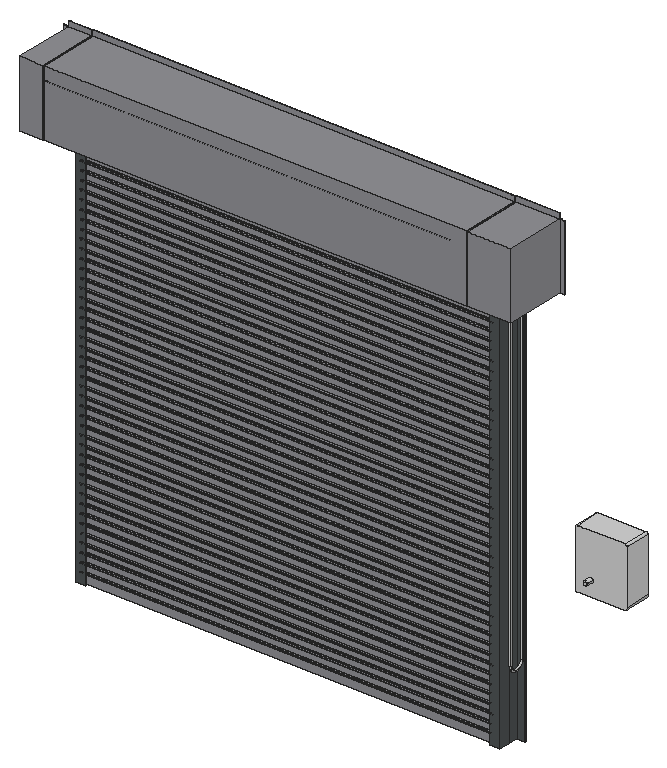
Revit family "RapidSlat-Rolling-Steel-Service-Doors_OHD_Model-621_compact", category Specialty Equipment, host Wall, Revit 2023
Family settings
  Host = Wall
  Round Connector Dimension = Use Diameter
  Part Type = Normal
  OmniClass Number = 23.30.10.21.34
  OmniClass Title = Industrial Doors
  Enable Cutting in Views = No
  Always vertical = Yes
  Cut with Voids When Loaded = Yes
  Maintain Annotation Orientation = No
  Shared = No
  Room Calculation Point = No
Parameters (values of type "208 volts, one phase, 60 Hz (208-240V range)")
  Warning Sign [instance] = if(Calculated Area > 683.00 SF, 1 = 1, 1 = 2)  # no
  Warning (Note) [instance] = if(Warning Sign, "The Door Area is out of the limit; please adjust accordingly. The maximum allowed area is 683 sq. ft.", if(Opening Height > 360", "Headroom Clearance Dimensions - out of the limits. Consult Factory", " "))  # " "
  Wall Thickness [instance] = 6"
  Voltage = 208 V
  Version = "1.00.01"  # constant formula
  True Opening Width [instance] = Clear Width  # 120"
  True Opening Height [instance] = Clear Height  # 120"
  Slat Type [instance] = if(Slat Option < 2, "C-187", if(Slat Option = 2, "C-275", if(Slat Option = 3, "F-265", "FE-265")))  # "F-265"
  Slat Option [instance] = 3  # constant formula
  Slat Length [instance] = Clear Width + G Value * 2 - 1" / 2 * 2  # 126"
  Slat Height [instance] = if(Slat < 2, 11 9/32", if(Slat = 2, 13 3/4", 13 19/128"))  # 13 19/128"
  Slat [instance] = if(Slat Option < 2, 1, if(Slat Option = 2, 2, if(Slat Option = 3, 3, 4)))  # 3
  Product Page URL = "https://www.overheaddoor.com/rolling-steel-service-doors-621"
  Power Factor = 1
  Powder Coat (Note) = "PowderGuard® Premium powder coat finish options are available in approximately 200 colors as well as custom matching to specification. PowderGuard® Textured finish, a thicker, more scratch resistant coat, is available in 11 colors providing enhanced scratch resistance as well as aiding in hiding the dirt and blemishes that often occur in commercial environments.​"  # constant formula
  Opening Width Real [instance] = if(Opening Width > Max Opening Width, Max Opening Width, if(Opening Width < Min Opening Width, Min Opening Width, Opening Width))  # 120"
  Opening Width [instance] = 120"
  Opening Height Real [instance] = if(Opening Height > Max Opening Height, Max Opening Height, if(Opening Height < Min Opening Height, Min Opening Height, Opening Height))  # 120"
  Opening Height [instance] = 120"
  One Array element [instance] = not(Array Vis)  # no
  Number of Poles = 1
  Motor Position [instance] = M Value - G Value  # 2 3/4"
  Min Opening Width [instance] = 18"  # constant formula
  Min Opening Height [instance] = 24"  # constant formula
  Max Opening Width [instance] = 360"  # constant formula
  Max Opening Height [instance] = 240"  # constant formula
  Material Finish [instance] = 621 : Standard - Gray
  M Value [instance] = if(or(Opening Width < 108", Opening Width = 108"), 5 3/4", if(or(Opening Width < 180", Opening Width = 180"), 6 1/4", if(or(Opening Width < 240", Opening Width = 240"), 7 1/4", 9 1/4")))  # 6 1/4"
  Installation Real [instance] = Wall Thickness  # 6"
  Hood Type [instance] = "Square Hood"  # constant formula
  Hood Offset [instance] = 4"  # constant formula
  Hood Material [instance] = Metal - Overhead Door - Gray
  Hood Height [instance] = A Value + 2"  # 20"
  Headroom Height Real [instance] = Hood Offset + Hood Height  # 24"
  Headroom Height [instance] = Headroom Height Real + 1 1/2"  # 25 1/2"
  HC 4 [instance] = if(or(Clear Height < 84", Clear Height = 84"), 16", if(or(Clear Height < 132", Clear Height = 132"), 18", if(or(Clear Height < 192", Clear Height = 192"), 20", 22")))  # 18"
  HC 3 [instance] = if(or(Clear Height < 108", Clear Height = 108"), 16", if(or(Clear Height < 168", Clear Height = 168"), 18", 20"))  # 18"
  HC 2 [instance] = if(or(Clear Height < 60", Clear Height = 60"), 14", if(or(Clear Height < 120", Clear Height = 120"), 16", if(or(Clear Height < 180", Clear Height = 180"), 18", 20")))  # 16"
  HC 1 [instance] = if(or(Clear Height < 96", Clear Height = 96"), 14", if(or(Clear Height < 168", Clear Height = 168"), 16", 18"))  # 16"
  Guide Type [instance] = "Angled Z Guide"  # constant formula
  Guid Depth [instance] = D Value  # 6 1/4"
  G Value [instance] = if(or(Opening Width < 108", Opening Width = 108"), 3", if(or(Opening Width < 180", Opening Width = 180"), 3 1/2", if(or(Opening Width < 240", Opening Width = 240"), 4", 5 9/16")))  # 3 1/2"
  Frequency = 60 Hz
  Face of Wall Offset [instance] = 5"  # constant formula
  Door Width True [instance] = Clear Width + M Value * 2  # 132 1/2"
  Door Width (Real) [instance] = Clear Width + 1"  # 121"
  Door Height True [instance] = Clear Width + Headroom Height  # 145 1/2"
  Door Height (Real) [instance] = Clear Height + Hood Offset  # 124"
  URL = "https://www.overheaddoor.com/"
  Product data url = "https://www.bimobject.com/overhead-door/product/rapidslat-rolling-steel-service-doors-621"
  Product Guid = "b683b8c3-3a47-4ecd-aa22-176d752e5163"
  Model = "621"  # constant formula
  Manufacturer = "Overhead Door Corporation"  # constant formula
  Wall Closure = By host
  Floor To (CL) of Shaft [instance] = Clear Height + Hood Height / 2 + Hood Offset  # 134"
  Finish Material = Finish - Overhead Door - Black
  Description = "RapidSlat Model 621 Stormtite Advanced Performance service door"  # constant formula
  Default Elevation = 0"
  Date Updated = "2026/05/29"  # constant formula
  D Value [instance] = if(or(Opening Width < 108", Opening Width = 108"), 5 11/16", if(or(Opening Width < 180", Opening Width = 180"), 6 1/4", if(or(Opening Width < 240", Opening Width = 240"), 6 3/16", 7 1/16")))  # 6 1/4"
  Clear Width [instance] = Opening Width Real  # 120"
  Clear Height [instance] = Opening Height Real  # 120"
  Current = 20 A
  BimObject_Variable_Connectors = "No"  # constant formula
  Backroom Depth [instance] = A Value + 1/2"  # 18 1/2"
  BJ Displacement Real [instance] = 0"  # constant formula
  Array Vis [instance] = if(Array < 2, 1 = 2, 1 = 1)  # yes
  Array Real [instance] = if(Array < 2, 2, Array)  # 10
  Array Length [instance] = (Array) * Slat Height  # 131 31/64"
  Array [instance] = rounddown(([Door Height (Real)] - 3") / Slat Height) + 1  # 10
  Calculated Area [instance] = [Door Width (Real)] * [Door Height (Real)]  # 104.194 SF
  Apparent Load Phase 3 = if(Number of Poles = 1, 0 VA, (Voltage * Current * sqrt(3)) / 3)  # 0 VA
  Apparent Load Phase 2 = if(Number of Poles = 1, 0 VA, (Voltage * Current * sqrt(3)) / 3)  # 0 VA
  Apparent Load Phase 1 = if(Number of Poles = 1, Voltage * Current, (Voltage * Current * sqrt(3)) / 3)  # 4160 VA
  A Value [instance] = if(Slat = 1, HC 1, if(Slat = 2, HC 2, HC 3))  # 18"
Reference planes (in)
  plane 1 "Center (Front/Back)": y = -14.625
  plane 2 "Center (Left/Right)": x = 0
  plane 3 "Left": x = -60
  plane 4 "Right": x = 60
  plane 5 "Exterior": y = -8.625
  plane 6 "Interior": y = -14.625
  plane 7: x = 66.25
  plane 8: x = -66.25
  plane 9: z = 120
  plane 10 "Main": y = -20.23437
  plane 11 "Backroom Depth": y = -32.125
  plane 12 "Main Door Block": y = -13.625
  plane 13 "Bottom Bar": z = 2.75
  plane 14: y = -20.875
  plane 15: z = 134.23438
  plane 16: z = 144
  plane 17: z = 124
  plane 18: z = 145.5
  plane 19: z = 0
  plane 20: z = 60
  plane 21: y = -20.0625
  plane 22: y = 18.375
  plane 23: y = -41.625
  plane 24 "Double Main": y = -19.656
  plane 25 "Headroom Top": z = 145.5
  plane 26: z = 134
  plane 27: x = 63.5
  plane 28: x = -63.5
  plane 29: z = 121.08594
  plane 30: y = -20.0625
  plane 31: z = 2.75
  plane 32: y = -20.0625
  plane 33: z = 121.08594
  plane 34: y = -20.0625
  plane 35: z = 15.89844
  plane 36: y = -20.0625
  plane 37: z = 29.04688
  plane 38: y = -20.0625
  plane 39: z = 42.19531
  plane 40: y = -20.0625
  plane 41: z = 55.34375
  plane 42: y = -20.0625
  plane 43: z = 68.49219
  plane 44: y = -20.0625
  plane 45: z = 81.64063
  plane 46: y = -20.0625
  plane 47: z = 94.78906
  plane 48: y = -20.0625
  plane 49: z = 107.9375
  plane 50: z = 2.75
  plane 51: y = -20.0625
  plane 52: z = 121.08594
  plane 53: y = -20.0625
  plane 54: z = 15.89844
  plane 55: y = -20.0625
  plane 56: z = 29.04688
  plane 57: y = -20.0625
  plane 58: z = 42.19531
  plane 59: y = -20.0625
  plane 60: z = 55.34375
  plane 61: y = -20.0625
  plane 62: z = 68.49219
  plane 63: y = -20.0625
  plane 64: z = 81.64063
  plane 65: y = -20.0625
  plane 66: z = 94.78906
  plane 67: y = -20.0625
  plane 68: z = 107.9375
  plane 69: y = -20.0625
Forms (in)
  Extrusion 1, void
    sketch origin (0, -13.625, 0) x (0, 0, -1) y (-1, 0, 0)
      loop
        line (-120, 60) -> (-120, -60) -> (0, -60) -> (0, 60) -> (-120, 60)
    from -1 to 5
Text (in)
  text "Exterior" at (-74.96733, 27.31104, 0), in view "Ref. Level"
  text "Interior" at (-74.96733, -25.14366, 0), in view "Ref. Level"
  text "Exterior" at (0, 40.15149, 123.01588), in view "Right"
  text "Interior" at (0, -64.39139, 123.01588), in view "Right"
  text "Interior" at (0, -31.01599, 123.00693), in view "Left"
  text "Exterior" at (0, 54.57065, 123.00693), in view "Left"
Dimensions and locks (in)
  equal spacing: plane 3 "Left", plane 2 "Center (Left/Right)", plane 4 "Right"
  "Clear Width": plane 3 "Left" to plane 4 "Right"
  level to host wall = 459.59655"
  "Clear Height": level to plane 9
  plane 7 to plane 8 = 132 1/2"
  equal spacing: plane 7, plane 2 "Center (Left/Right)", plane 8
  locked: plane 13 "Bottom Bar" to level at 2.75
  "Door Width True": plane 7 to plane 8
  locked: plane 14 to plane 10 "Main" at 0.64063
  "Array Length": plane 15 to plane 13 "Bottom Bar"
  "Backroom Depth": plane 11 "Backroom Depth" to plane 12 "Main Door Block"
  "Hood Height": plane 16 to plane 17
  locked: plane 18 to plane 16 at 1.5
  "Installation Real": plane 1 "Center (Front/Back)" to plane 5 "Exterior"
  "Wall Thickness": host wall to host wall
  equal spacing: plane 9, plane 20, plane 19
  locked: plane 10 "Main" to plane 21 at 0.17187
  equal spacing: plane 22, host wall, plane 23
  locked: plane 22 to plane 23 at 60
  locked: plane 10 "Main" to plane 24 "Double Main" at 0.57837
  "Hood Offset": plane 17 to plane 9
  "Headroom Height": plane 25 "Headroom Top" to plane 9
  "Floor To (CL) of Shaft": plane 26 to level
  "Motor Position": plane 7 to plane 27
  "Motor Position": plane 28 to plane 8
  "Guid Depth": plane 14 to plane 1 "Center (Front/Back)"
  "Slat Height": plane 15 to plane 29
  equal spacing: group 1, group 3, group 4, group 5, group 6, group 7, group 8, group 9, group 10, group 2  (x2)
  equal spacing: group 2, group 10, group 9, group 8, group 7, group 6, group 5, group 4, group 3, group 1
  equal spacing: group 12, group 20, group 19, group 18, group 17, group 16, group 15, group 14, group 13, group 11  (x2)
  equal spacing: group 11, group 13, group 14, group 15, group 16, group 17, group 18, group 19, group 20, group 12
  aligned and locked: plane 5 "Exterior" to host wall
  aligned and locked: host wall to plane 6 "Interior"
  aligned and locked: level to Extrusion 1 sketch curve
  aligned and locked: Extrusion 1 to plane 5 "Exterior"
  aligned and locked: plane 6 "Interior" to Extrusion 1
  aligned and locked: nested 1 to plane 2 "Center (Left/Right)"
  aligned and locked: nested 1 to level
  aligned and locked: level to plane 19
  aligned and locked: nested 1 to plane 1 "Center (Front/Back)"
  aligned and locked: plane 2 "Center (Left/Right)" to nested 2
  aligned and locked: nested 2 to plane 22
  aligned and locked: plane 23 to nested 3
  aligned and locked: nested 3 to plane 2 "Center (Left/Right)"
  aligned and locked: nested 4 to plane 20
  aligned and locked: plane 2 "Center (Left/Right)" to nested 4
  aligned and locked: nested 4 to plane 21
  aligned and locked: plane 4 "Right" to Extrusion 1 sketch curve
  aligned and locked: plane 3 "Left" to Extrusion 1 sketch curve
  aligned and locked: Extrusion 1 sketch curve to plane 9
  aligned and locked: plane 13 "Bottom Bar" to plane 31
  aligned and locked: plane 21 to plane 30
  aligned and locked: plane 29 to plane 33
  aligned and locked: plane 32 to plane 21
  aligned and locked: plane 13 "Bottom Bar" to plane 50
  aligned and locked: plane 21 to plane 51
  aligned and locked: plane 29 to plane 52
  aligned and locked: plane 53 to plane 21
  aligned and locked: plane 21 to nested 15
Nested families (in)
  nested 1: "Lifts" at (0, -14.625, 0), type "Frame Unit"
    with Square Hood yes, Round Hood no, Right Motor Position yes, Octagon Hood no, No Hood no
  nested 2: "Label Annotation 1" at (0, 18.375, 0), visible <- "Warning Sign", type "Label Annotation 1"
  nested 3: "Label Annotation 1" at (0, -41.625, 0) x (-1, 0, 0) z (0, 0, 1), visible <- "Warning Sign", type "Label Annotation 1"
  nested 4: "Warning Sign" at (0, -20.0625, 60), visible <- "Warning Sign", type "Warning Sign"
    with Warning Sign no
  nested 5: "621" at (0, -20.0625, 2.75), Slat Option <- "Slat", Opening Width <- "Slat Length", visible <- "Array Vis", type <- "Material Finish", type "Standard - Gray"
    with Void Offset 1", Void Height 1", Slat Width 0.63", Slat Position + Offset 14.044", Slat Position 13.15", Slat Option 3, Opening Width 126", Integrated Cutout no, F 265, FE 265 yes, Cutout Width Offset 1", Cutout Vertical Offset 0.894", Cutout Horizontal Offset 1", C 275 no, C 187 Standard no
  nested 6: "621" at (0, -20.0625, 121.08594), Slat Option <- "Slat", Opening Width <- "Slat Length", visible <- "Array Vis", type <- "Material Finish", type "Standard - Gray"
    with Void Offset 1", Void Height 1", Slat Width 0.63", Slat Position + Offset 14.044", Slat Position 13.15", Slat Option 3, Opening Width 126", Integrated Cutout no, F 265, FE 265 yes, Cutout Width Offset 1", Cutout Vertical Offset 0.894", Cutout Horizontal Offset 1", C 275 no, C 187 Standard no
  nested 7: "621" at (0, -20.0625, 15.89844), Slat Option <- "Slat", Opening Width <- "Slat Length", visible <- "Array Vis", type <- "Material Finish", type "Standard - Gray"
    with Void Offset 1", Void Height 1", Slat Width 0.63", Slat Position + Offset 14.044", Slat Position 13.15", Slat Option 3, Opening Width 126", Integrated Cutout no, F 265, FE 265 yes, Cutout Width Offset 1", Cutout Vertical Offset 0.894", Cutout Horizontal Offset 1", C 275 no, C 187 Standard no
  nested 8: "621" at (0, -20.0625, 29.04688), Slat Option <- "Slat", Opening Width <- "Slat Length", visible <- "Array Vis", type <- "Material Finish", type "Standard - Gray"
    with Void Offset 1", Void Height 1", Slat Width 0.63", Slat Position + Offset 14.044", Slat Position 13.15", Slat Option 3, Opening Width 126", Integrated Cutout no, F 265, FE 265 yes, Cutout Width Offset 1", Cutout Vertical Offset 0.894", Cutout Horizontal Offset 1", C 275 no, C 187 Standard no
  nested 9: "621" at (0, -20.0625, 42.19531), Slat Option <- "Slat", Opening Width <- "Slat Length", visible <- "Array Vis", type <- "Material Finish", type "Standard - Gray"
    with Void Offset 1", Void Height 1", Slat Width 0.63", Slat Position + Offset 14.044", Slat Position 13.15", Slat Option 3, Opening Width 126", Integrated Cutout no, F 265, FE 265 yes, Cutout Width Offset 1", Cutout Vertical Offset 0.894", Cutout Horizontal Offset 1", C 275 no, C 187 Standard no
  nested 10: "621" at (0, -20.0625, 55.34375), Slat Option <- "Slat", Opening Width <- "Slat Length", visible <- "Array Vis", type <- "Material Finish", type "Standard - Gray"
    with Void Offset 1", Void Height 1", Slat Width 0.63", Slat Position + Offset 14.044", Slat Position 13.15", Slat Option 3, Opening Width 126", Integrated Cutout no, F 265, FE 265 yes, Cutout Width Offset 1", Cutout Vertical Offset 0.894", Cutout Horizontal Offset 1", C 275 no, C 187 Standard no
  nested 11: "621" at (0, -20.0625, 68.49219), Slat Option <- "Slat", Opening Width <- "Slat Length", visible <- "Array Vis", type <- "Material Finish", type "Standard - Gray"
    with Void Offset 1", Void Height 1", Slat Width 0.63", Slat Position + Offset 14.044", Slat Position 13.15", Slat Option 3, Opening Width 126", Integrated Cutout no, F 265, FE 265 yes, Cutout Width Offset 1", Cutout Vertical Offset 0.894", Cutout Horizontal Offset 1", C 275 no, C 187 Standard no
  nested 12: "621" at (0, -20.0625, 81.64063), Slat Option <- "Slat", Opening Width <- "Slat Length", visible <- "Array Vis", type <- "Material Finish", type "Standard - Gray"
    with Void Offset 1", Void Height 1", Slat Width 0.63", Slat Position + Offset 14.044", Slat Position 13.15", Slat Option 3, Opening Width 126", Integrated Cutout no, F 265, FE 265 yes, Cutout Width Offset 1", Cutout Vertical Offset 0.894", Cutout Horizontal Offset 1", C 275 no, C 187 Standard no
  nested 13: "621" at (0, -20.0625, 94.78906), Slat Option <- "Slat", Opening Width <- "Slat Length", visible <- "Array Vis", type <- "Material Finish", type "Standard - Gray"
    with Void Offset 1", Void Height 1", Slat Width 0.63", Slat Position + Offset 14.044", Slat Position 13.15", Slat Option 3, Opening Width 126", Integrated Cutout no, F 265, FE 265 yes, Cutout Width Offset 1", Cutout Vertical Offset 0.894", Cutout Horizontal Offset 1", C 275 no, C 187 Standard no
  nested 14: "621" at (0, -20.0625, 107.9375), Slat Option <- "Slat", Opening Width <- "Slat Length", visible <- "Array Vis", type <- "Material Finish", type "Standard - Gray"
    with Void Offset 1", Void Height 1", Slat Width 0.63", Slat Position + Offset 14.044", Slat Position 13.15", Slat Option 3, Opening Width 126", Integrated Cutout no, F 265, FE 265 yes, Cutout Width Offset 1", Cutout Vertical Offset 0.894", Cutout Horizontal Offset 1", C 275 no, C 187 Standard no
  nested 15: "621" at (0, -20.0625, 2.75), Slat Option <- "Slat", Opening Width <- "Slat Length", visible <- "One Array element", type <- "Material Finish", type "Standard - Gray"
    with Void Offset 1", Void Height 1", Slat Width 0.63", Slat Position + Offset 14.044", Slat Position 13.15", Slat Option 3, Opening Width 126", Integrated Cutout no, F 265, FE 265 yes, Cutout Width Offset 1", Cutout Vertical Offset 0.894", Cutout Horizontal Offset 1", C 275 no, C 187 Standard no
Connectors (in)
  electrical at (94.92963, -22.165, 60.07037), driven by "Apparent Load Phase 1", driven by "Apparent Load Phase 2", driven by "Apparent Load Phase 3", driven by "Power Factor", driven by "Voltage", driven by "Number of Poles"
    settings: on nested 1, index 1, voltage 208 V, apparent load 0 VA, apparent load phase1 4160 VA, apparent load phase2 0 VA, apparent load phase3 0 VA, power factor 1, load classification "Other", number of poles 1, system type 31, power factor state 1, is connector primary yes, connector utility no, sub classification motor no, connector description "Electrical Connector"
Definition of nested family "Lifts"
  Parameters (values of type "Frame Unit")
    True Width = if(Between Jambs, Opening Width, Opening Width + 1/2")  # 120 1/2"
    Square Hood [instance] = if(Hood Option = 2, 1 = 1, 1 = 2)  # yes
    Slat Option = 1
    Round Hood [instance] = if(Hood Option > 3, 1 = 1, 1 = 2)  # no
    Rough Width = 0"
    Rough Height = 0"
    Right Motor Position [instance] = yes
    Octagon Hood [instance] = if(Hood Option = 3, 1 = 1, 1 = 2)  # no
    No Hood [instance] = if(Hood Option < 2, 1 = 1, 1 = 2)  # no
    M Value = 6 1/4"
    Hood Type = if(Hood Option < 2, "No Hood", if(Hood Option = 2, "Square Hood", if(Hood Option = 3, "Octagon Hood", "Round Hood")))  # "Square Hood"
    Hood Option = 2
    Hood Offset = 4"
    Hood Height = Headroom Height Real - Hood Offset  # 20"
    Headroom Height Real = Headroom Height  # 24"
    Half Octagon Side = 3.41726"
    Half Hood Height = Headroom Height - Hood Offset  # 20"
    G Value = 3 1/2"
    E Guide Width = if(Between Jambs, Guide Offset - G Value + BJ Connection Length - BJ Displacement * 2 / 3, 3")  # 3"
    E Guide Height = 3"  # constant formula
    Z Guide = 1 = 1  # yes
    Slat Material = none
    Shaft Offset = if(Hood Height < Header Width, (Header Width - (Header Width - Hood Height)) / 2, Header Width / 2)  # 9 1/4"
    Shaft Material = none
    Shaft Length 2 = 18"  # constant formula
    Shaft Length 1 = 12"  # constant formula
    Setback = if(Between Jambs, 0", 1/2")  # 1/2"
    Opening Width = 120"
    Hood Material = none
    Headroom Height = 24"
    Header Width = 18 1/2"
    Opening Height = 120"
    Guide Type = if(Between Jambs, "Angled Between Jambs Z Guide", if(Guide Option > 1, "Angled Z Guide", "Angled E Guide"))  # "Angled Z Guide"
    Guide Option = if(Between Jambs, 1, 2)  # 2
    Guide Offset = BJ Displacement + G Value  # 3 1/2"
    Guide Z Wide = if(Between Jambs, Guide Offset - G Value + BJ Connection Length - BJ Displacement * 2 / 3, M Value - G Value)  # 2 3/4"
    Guide Z Height = 3"  # constant formula
    Floor To (CL) of Shaft = 134"
    Finish Material = none
    Face to Wall Mount = not(Between Jambs)  # yes
    E Guide = if(Between Jambs, 1 = 1, 1 = 2)  # no
    Default Elevation = 0"
    D Value = 6 1/4"
    Chain offset = if(Opening Height < 35", Opening Height - 5", 30")  # 30"
    Between Jambs = no
    BJ Position = if(Between Jambs, 1/4", 0")  # 0"
    BJ Displacement = 0"
    BJ Connection Length = 1 / 3 * BJ Displacement  # 0"
    Angled Guide = 1 = 1  # yes
    1 = 15 1/2"
  Reference planes (in)
    plane 1 "Center (Front/Back)": y = 0
    plane 2: z = 0
    plane 3 "Center (Left/Right)": x = 0
    plane 4 "Opening Height": z = 120
    plane 5: x = -72
    plane 6: x = 78
    plane 7: z = 144
    plane 8: y = 18.5
    plane 9 "Real Opening 2": x = -60
    plane 10 "Real Opening 1": x = 60
    plane 11: z = 124
    plane 12 "Main": y = 0
    plane 13: z = 134
    plane 14: x = 63.5
    plane 15: x = -63.5
    plane 16: x = -63.5
    plane 17: x = 63.5
    plane 18: y = 6.25
    plane 19: x = -63.25
    plane 20: x = 63.25
    plane 21: z = 145.5
    plane 22: y = 6.25
    plane 23: y = 5.125
    plane 24: y = 6.25
    plane 25: y = 5.125
    plane 26: y = 0.25
    plane 27: z = 124
    plane 28: z = 30
    plane 29: z = 0
    plane 30: x = 74
    plane 31: x = 95
    plane 32: z = 60
    plane 33: y = 7.54
    plane 34: x = 76.25
    plane 35: x = -70.25
  Forms (in)
    Extrusion 1, solid, material <- "Slat Material"
      sketch origin (0, 0, 0) x (0, 1, 0) y (0, 0, 1)
        loop
          line (5.4375, 2.375) -> (5.4375, 2.75) -> (4.8125, 2.75) -> (4.8125, 2.375) -> (5.4375, 2.375)
      from -63.25 to 63.25
    Extrusion 2, solid, material <- "Slat Material"
      sketch origin (0, 0, 0) x (0, 1, 0) y (0, 0, 1)
        loop
          line (5.4375, 2.375) -> (4.8125, 2.375) -> (4.8125, 0) -> (5.4375, 0) -> (5.4375, 2.375)
      from -63.25 to 63.25
    Extrusion 3, solid, material <- "Shaft Material"
      sketch origin (0, -5.35201, 0) x (0, 1, 0) y (0, 0, 1)
        loop
          circle (14.60201, 134) r 0.6
      from -70.25 to 76.25
    Extrusion 4, solid, material <- "Hood Material", visible <- "Square Hood"
      sketch origin (0, 0, 0) x (0, 1, 0) y (0, 0, 1)
        loop
          line (0, 124) -> (18.5, 124) -> (18.5, 145.5) -> (0, 145.5) -> (0, 124)
      from -63.25 to 63.25
    Extrusion 5, solid, material <- "Finish Material", visible <- "E Guide"
      sketch origin (0, 0, 0) x (1, 0, 0) y (0, 1, 0)
        loop
          line (60.5, 0) -> (63.5, 0) -> (63.5, 3) -> (63.4375, 3)
          arc (63.4375, 3) -> (63.30492, 2.94508) -> (63.25, 2.8125) r 0.1875
          line (63.25, 2.8125) -> (63.25, 0.25) -> (60.6875, 0.25)
          arc (60.6875, 0.25) -> (60.55492, 0.19508) -> (60.5, 0.0625) r 0.1875
          line (60.5, 0.0625) -> (60.5, 0)
        loop
          line (-60.5, 0) -> (-60.5, 0.0625)
          arc (-60.5, 0.0625) -> (-60.55492, 0.19508) -> (-60.6875, 0.25) r 0.1875
          line (-60.6875, 0.25) -> (-63.25, 0.25) -> (-63.25, 2.8125)
          arc (-63.25, 2.8125) -> (-63.30492, 2.94508) -> (-63.4375, 3) r 0.1875
          line (-63.4375, 3) -> (-63.5, 3) -> (-63.5, 0) -> (-60.5, 0)
      from 0 to 124
    Extrusion 6, solid, material <- "Finish Material", visible <- "Z Guide"
      sketch origin (0, 0, 0) x (1, 0, 0) y (0, 1, 0)
        loop
          line (66.25, 0) -> (66.25, 0.062)
          arc (66.25, 0.062) -> (66.19494, 0.19494) -> (66.062, 0.25) r 0.188
          line (66.062, 0.25) -> (63.75, 0.25) -> (63.75, 2.812)
          arc (63.75, 2.812) -> (63.69494, 2.94494) -> (63.562, 3) r 0.188
          line (63.562, 3) -> (63.5, 3) -> (63.5, 0) -> (66.25, 0)
        loop
          line (-66.25, 0) -> (-63.5, 0) -> (-63.5, 3) -> (-63.562, 3)
          arc (-63.562, 3) -> (-63.69494, 2.94494) -> (-63.75, 2.812) r 0.188
          line (-63.75, 2.812) -> (-63.75, 0.25) -> (-66.062, 0.25)
          arc (-66.062, 0.25) -> (-66.19494, 0.19494) -> (-66.25, 0.062) r 0.188
          line (-66.25, 0.062) -> (-66.25, 0)
      from 0 to 124
    Extrusion 7, solid, material <- "Finish Material", visible <- "Angled Guide"
      sketch origin (0, 0, 0) x (1, 0, 0) y (0, 1, 0)
        loop
          line (60.5, 6.25) -> (60.5, 6.187)
          arc (60.5, 6.187) -> (60.55477, 6.05477) -> (60.687, 6) r 0.187
          line (60.687, 6) -> (63.25, 6) -> (63.25, 4.25) -> (60.5, 4.25) -> (60.5, 4.187)
          arc (60.5, 4.187) -> (60.55477, 4.05477) -> (60.687, 4) r 0.187
          line (60.687, 4) -> (63, 4) -> (63, 2.3125) -> (63.25, 2.3125) -> (63.25, 2) -> (63.5, 2) -> (63.5, 6.25) -> (60.5, 6.25)
        loop
          line (-60.5, 6.25) -> (-63.5, 6.25) -> (-63.5, 2) -> (-63.25, 2) -> (-63.25, 2.3125) -> (-63, 2.3125) -> (-63, 4) -> (-60.687, 4)
          arc (-60.687, 4) -> (-60.55477, 4.05477) -> (-60.5, 4.187) r 0.187
          line (-60.5, 4.187) -> (-60.5, 4.25) -> (-63.25, 4.25) -> (-63.25, 6) -> (-60.687, 6)
          arc (-60.687, 6) -> (-60.55477, 6.05477) -> (-60.5, 6.187) r 0.187
          line (-60.5, 6.187) -> (-60.5, 6.25)
      from 0 to 124
    Extrusion 8, solid, material <- "Hood Material"
      sketch origin (0, 0, 0) x (-1, 0, 0) y (0, 0, 1)
        loop
          line (63.25, 124) -> (63.5, 124) -> (63.5, 144) -> (63.25, 144) -> (63.25, 124)
        loop
          line (-63.5, 124) -> (-63.25, 124) -> (-63.25, 144) -> (-63.5, 144) -> (-63.5, 124)
      from 0 to 18.5
    Extrusion 9, solid, material <- "Hood Material"
      sketch origin (0, 0, 0) x (1, 0, 0) y (0, 1, 0)
        loop
          line (-72, 0) -> (-63.5, 0) -> (-63.5, 18.5) -> (-72, 18.5) -> (-72, 0)
        loop
          line (78, 0) -> (78, 18.5) -> (63.5, 18.5) -> (63.5, 0) -> (78, 0)
      from 124 to 145.5
    Extrusion 10, void
      sketch origin (0, 0, 0) x (1, 0, 0) y (0, 0, 1)
        loop
          line (-72, 145.5) -> (-72, 124) -> (-70.5, 124) -> (-70.5, 144) -> (76.5, 144) -> (76.5, 120) -> (78, 120) -> (78, 145.5) -> (-72, 145.5)
      from -0.25 to -18.5
    Extrusion 11, void
      sketch origin (0, 0, 0) x (1, 0, 0) y (0, 0, 1)
        loop
          line (-72, 144) -> (-70.5, 144) -> (-70.5, 145.5) -> (-72, 145.5) -> (-72, 144)
        loop
          line (78, 144) -> (78, 145.5) -> (76.5, 145.5) -> (76.5, 144) -> (78, 144)
      from 0 to -0.25
    Sweep 12, solid
      path origin (74, -12.75, 1000) x (0, -1, 0) y (0, 0, 1)
        loop
          line (-28.53866, -876) -> (-28.53866, -970)
          arc (-28.53866, -970) -> (-26.10116, -972.4375) -> (-23.66366, -970) r 2.4375
          line (-23.66366, -970) -> (-23.66366, -876)
      profile origin (74, 15.78866, 77) x (-1, 0, 0) y (0, -1, 0)
        loop
          circle (0, 0.2675) r 0.2675
    Extrusion 13, solid
      sketch origin (95, 0, 60) x (1, 0, 0) y (0, 0, 1)
        loop
          line (7.25, 8.90625) -> (-7.25, 8.90625)
          arc (-7.25, 8.90625) -> (-7.60355, 8.7598) -> (-7.75, 8.40625) r 0.5
          line (-7.75, 8.40625) -> (-7.75, -8.40625)
          arc (-7.75, -8.40625) -> (-7.60355, -8.7598) -> (-7.25, -8.90625) r 0.5
          line (-7.25, -8.90625) -> (6.68702, -8.90625)
          arc (6.68702, -8.90625) -> (7.43866, -8.59491) -> (7.75, -7.84327) r 1.06298
          line (7.75, -7.84327) -> (7.75, 8.40625)
          arc (7.75, 8.40625) -> (7.60355, 8.7598) -> (7.25, 8.90625) r 0.5
      from 0 to -7.54
    Revolve 14, solid, visible <- "Right Motor Position"
      sketch origin (95, 0, 55.5) x (0, -1, 0) y (1, 0, 0)
        loop
          line (-7.54, -3.41542) -> (-7.54, -2.66542) -> (-9.312, -2.81542) -> (-9.312, -3.41542) -> (-7.54, -3.41542)
        axis (-7.54, -3.41542) -> (-9.312, -3.41542)
      angle from 0 to 360
  Cuts and joins
    Extrusion 10, Extrusion 11 cuts Extrusion 9
    Extrusion 10 cuts Extrusion 4
  Lines and regions (in)
    Masking region 1
      outline origin (0, 0, 0) x (1, 0, 0) y (0, 1, 0)
        loop
          line (-63.5, 18.5) -> (-63.5, 0) -> (63.5, 0) -> (63.5, 18.5) -> (-63.5, 18.5)
    Masking region 2
      outline origin (0, 0, 0) x (1, 0, 0) y (0, 1, 0)
        loop
          line (63.5, 0) -> (78, 0) -> (78, 0.25) -> (76.5, 0.25) -> (76.5, 18.5) -> (63.5, 18.5) -> (63.5, 0)
        loop
          line (-63.5, 0) -> (-63.5, 18.5) -> (-70.5, 18.5) -> (-70.5, 0.25) -> (-72, 0.25) -> (-72, 0) -> (-63.5, 0)
    Masking region 3
      outline origin (0, 0, 0) x (1, 0, 0) y (0, 1, 0)
        loop
          line (87.25, 7.54) -> (87.25, 0) -> (102.75, 0) -> (102.75, 7.54) -> (87.25, 7.54)
    Masking region 4
      outline origin (91.64, 2.54, 60) x (0, -1, 0) y (1, 0, 0)
        loop
          line (-6.772, 0.54458) -> (-6.772, -0.65542) -> (-5, -0.80542) -> (-5, 0.69458) -> (-6.772, 0.54458)
    symbolic lines
      curve 1: line (-63.25, 0, 0) -> (-63.25, 18.5, 0)
      curve 2: line (63.25, 18.5, 0) -> (63.25, 0, 0)
      curve 4: line (-72, 0.25, 0) -> (78, 0.25, 0)
    symbolic lines, visible <- "Octagon Hood"
      curve 3: line (-63.25, 14.69239, 0) -> (63.25, 14.69239, 0)
    reference lines
      curve 5: line (95, 0, 60) -> (104, 0, 60)
      curve 6: line (95, 0, 55.5) -> (100.75, 0, 55.5)
  Dimensions and locks (in)
    Extrusion 1 sketch curve to level = 2 3/8"
    locked: Extrusion 1 sketch curve to Extrusion 1 sketch curve at 0.625
    locked: Extrusion 2 sketch curve to level at 2.375
    "Headroom Height Real": plane 7 to plane 4 "Opening Height"
    plane 8 to plane 1 "Center (Front/Back)" = 18 1/2"
    "Opening Height": plane 4 "Opening Height" to level
    "Hood Offset": plane 11 to plane 4 "Opening Height"
    "BJ Position": plane 12 "Main" to plane 1 "Center (Front/Back)"
    "Header Width": plane 12 "Main" to plane 8
    "Floor To (CL) of Shaft": plane 13 to level
    "Shaft Offset": Extrusion 3 sketch curve to plane 8
    locked: Extrusion 2 sketch curve to Extrusion 2 sketch curve at 0.625
    "Guide Offset": plane 10 "Real Opening 1" to plane 14
    "Guide Offset": plane 15 to plane 9 "Real Opening 2"
    locked: Extrusion 5 sketch curve to Extrusion 5 sketch curve at 0.25  (x4)
    "E Guide Height": Extrusion 5 sketch curve to Extrusion 5 sketch curve  (x2)
    "E Guide Width": Extrusion 5 sketch curve to Extrusion 5 sketch curve  (x2)
    locked: Extrusion 6 sketch curve to Extrusion 6 sketch curve at 0.25  (x4)
    "Guide Z Wide": Extrusion 6 sketch curve to Extrusion 6 sketch curve  (x2)
    "Guide Z Height": Extrusion 6 sketch curve to Extrusion 6 sketch curve  (x2)
    locked: Extrusion 7 sketch curve to Extrusion 7 sketch curve at 0.25  (x8)
    locked: Extrusion 7 sketch curve to Extrusion 7 sketch curve at 2.25  (x2)
    locked: Extrusion 7 sketch curve to Extrusion 7 sketch curve at 4.25  (x2)
    locked: Extrusion 7 sketch curve to Extrusion 7 sketch curve at 0.3125  (x2)
    "Setback": plane 10 "Real Opening 1" to Extrusion 7 sketch curve
    "Setback": Extrusion 7 sketch curve to plane 9 "Real Opening 2"
    equal spacing: plane 15, plane 3 "Center (Left/Right)", plane 14
    "G Value": Extrusion 6 sketch curve to plane 9 "Real Opening 2"
    "G Value": plane 10 "Real Opening 1" to Extrusion 6 sketch curve
    "G Value": plane 10 "Real Opening 1" to plane 17
    "G Value": plane 16 to plane 9 "Real Opening 2"
    "Shaft Length 1": plane 5 to plane 9 "Real Opening 2"
    "Shaft Length 2": plane 6 to plane 10 "Real Opening 1"
    locked: Extrusion 2 to plane 17 at 0.25
    locked: Extrusion 2 to plane 16 at 0.25
    locked: plane 16 to plane 19 at 0.25
    locked: plane 20 to plane 17 at 0.25
    equal spacing: plane 9 "Real Opening 2", plane 3 "Center (Left/Right)", plane 10 "Real Opening 1"
    "Opening Width": plane 9 "Real Opening 2" to plane 10 "Real Opening 1"
    locked: plane 21 to plane 7 at 1.5
    "D Value": plane 1 "Center (Front/Back)" to plane 18
    "D Value": plane 22 to plane 1 "Center (Front/Back)"
    locked: plane 22 to plane 23 at 1.125
    equal spacing: Extrusion 1 sketch curve, plane 23, Extrusion 1 sketch curve
    "D Value": plane 24 to plane 1 "Center (Front/Back)"
    locked: plane 24 to plane 25 at 1.125
    equal spacing: Extrusion 2 sketch curve, plane 25, Extrusion 2 sketch curve
    "G Value": plane 10 "Real Opening 1" to Extrusion 7 sketch curve
    "G Value": Extrusion 7 sketch curve to plane 9 "Real Opening 2"
    locked: Extrusion 10 sketch curve to Extrusion 10 sketch curve at 1.5  (x2)
    locked: plane 26 to plane 12 "Main" at 0.25
    locked: Extrusion 11 sketch curve to Extrusion 11 sketch curve at 1.5  (x2)
    "Chain offset": plane 28 to plane 29
    locked: plane 30 to plane 6 at 4
    locked: plane 20 to plane 31 at 31.75
    locked: plane 32 to level at 60
    locked: curve 5 to curve 5 at 9
    equal spacing: Masking region 3 sketch curve, plane 31, Masking region 3 sketch curve
    locked: Revolve 14 sketch curve to Revolve 14 sketch curve at 0.6
    locked: Revolve 14 sketch curve to Revolve 14 sketch curve at 0.75
    locked: plane 33 to Revolve 14 sketch curve at 1.772
    locked: Masking region 3 sketch curve to Masking region 3 sketch curve at 7.54
    locked: curve 5 to curve 6 at 4.5
    locked: curve 6 to curve 6 at 5.75
    locked: Masking region 3 sketch curve to plane 31 at 7.75
    locked: plane 34 to plane 6 at 1.75
    locked: plane 5 to plane 35 at 1.75
    radius of Extrusion 5 sketch curve = 3/16"  (x4)
    radius of Extrusion 6 sketch curve = 0.188"  (x4)
    locked: Extrusion 7 sketch curve to Extrusion 7 sketch curve (radius 0.187")  (x4)
    aligned and locked: plane 2 to level
    aligned and locked: Extrusion 4 sketch curve to plane 8
    aligned and locked: plane 13 to Extrusion 3 sketch curve
    aligned and locked: plane 12 "Main" to Extrusion 5 sketch curve  (x2)
    aligned and locked: Extrusion 5 sketch curve to plane 14
    aligned and locked: plane 15 to Extrusion 5 sketch curve
    aligned and locked: Extrusion 6 sketch curve to plane 1 "Center (Front/Back)"  (x2)
    aligned and locked: Extrusion 7 sketch curve to Extrusion 7 sketch curve  (x4)
    aligned and locked: plane 18 to Extrusion 7 sketch curve
    aligned and locked: Extrusion 7 sketch curve to plane 18
    aligned and locked: plane 12 "Main" to Extrusion 4 sketch curve
    aligned and locked: Extrusion 8 sketch curve to plane 11  (x2)
    aligned and locked: Extrusion 8 sketch curve to plane 7  (x2)
    aligned and locked: plane 16 to Extrusion 8 sketch curve
    aligned and locked: Extrusion 8 sketch curve to plane 17
    aligned and locked: Masking region 1 sketch curve to Extrusion 4
    aligned and locked: Masking region 1 to curve 2  (x2)
    aligned and locked: Masking region 1 to curve 1  (x2)
    aligned and locked: Extrusion 2 to Extrusion 1
    aligned and locked: Extrusion 1 to Extrusion 2
    aligned and locked: Masking region 1 to plane 16
    aligned and locked: Masking region 1 to plane 17
    aligned and locked: plane 19 to Extrusion 8 sketch curve
    aligned and locked: plane 20 to Extrusion 8 sketch curve
    aligned and locked: plane 19 to Extrusion 4
    aligned and locked: Extrusion 4 to plane 20
    aligned and locked: plane 8 to Extrusion 8
    aligned and locked: plane 19 to curve 3
    aligned and locked: plane 20 to curve 3
    aligned and locked: Extrusion 4 sketch curve to plane 11
    aligned and locked: Extrusion 6 to plane 11
    aligned and locked: plane 11 to Extrusion 5
    aligned and locked: plane 11 to Extrusion 7
    aligned and locked: Extrusion 9 sketch curve to plane 5
    aligned and locked: plane 16 to Extrusion 9 sketch curve
    aligned and locked: plane 1 "Center (Front/Back)" to Extrusion 9 sketch curve
    aligned and locked: Extrusion 9 sketch curve to plane 8  (x2)
    aligned and locked: Extrusion 9 sketch curve to plane 6
    aligned and locked: Extrusion 9 sketch curve to plane 14
    aligned and locked: Extrusion 9 sketch curve to plane 1 "Center (Front/Back)"
    aligned and locked: Extrusion 9 to plane 11
    aligned and locked: Extrusion 9 to plane 21
    aligned and locked: Extrusion 10 sketch curve to plane 21
    aligned and locked: Extrusion 10 sketch curve to plane 7
    aligned and locked: Extrusion 10 sketch curve to plane 5
    aligned and locked: Extrusion 10 sketch curve to plane 6
    aligned and locked: Extrusion 10 sketch curve to plane 11
    aligned and locked: Extrusion 10 sketch curve to plane 4 "Opening Height"
    aligned and locked: Extrusion 10 to plane 8
    aligned and locked: Extrusion 10 to plane 26
    aligned and locked: Extrusion 4 sketch curve to plane 21
    aligned and locked: plane 5 to Extrusion 11 sketch curve
    aligned and locked: plane 6 to Extrusion 11 sketch curve
    aligned and locked: Extrusion 11 sketch curve to plane 7
    aligned and locked: Extrusion 11 sketch curve to plane 21
    aligned and locked: plane 21 to Extrusion 11 sketch curve
    aligned and locked: plane 7 to Extrusion 11 sketch curve
    aligned and locked: plane 26 to Extrusion 11
    aligned and locked: Extrusion 11 to plane 1 "Center (Front/Back)"
    aligned and locked: Masking region 2 sketch curve to plane 14
    aligned and locked: Masking region 2 sketch curve to cut or joined group of Extrusion 9, Extrusion 10, Extrusion 11  (x5)
    aligned and locked: cut or joined group of Extrusion 9, Extrusion 10, Extrusion 11 to Masking region 2 sketch curve
    aligned and locked: Masking region 2 sketch curve to plane 6
    aligned and locked: plane 16 to Masking region 2 sketch curve
    aligned and locked: Masking region 2 sketch curve to plane 26
    aligned and locked: Masking region 2 sketch curve to plane 5
    aligned and locked: plane 1 "Center (Front/Back)" to Masking region 2 sketch curve
    aligned and locked: curve 4 to plane 26
    aligned and locked: plane 6 to curve 4
    aligned and locked: plane 5 to curve 4
    aligned and locked: plane 27 to Sweep 12 sketch curve  (x2)
    aligned and locked: plane 28 to Sweep 12 sketch curve  (x2)
    aligned and locked: plane 11 to plane 27
    aligned and locked: level to plane 29
    aligned and locked: plane 31 to curve 5
    aligned and locked: curve 5 to plane 32
    aligned and locked: Revolve 14 sketch curve to Revolve 14 sketch curve
    aligned and locked: Revolve 14 sketch curve to plane 33
    aligned and locked: Masking region 4 sketch curve to Revolve 14  (x2)
    aligned and locked: Masking region 3 sketch curve to plane 1 "Center (Front/Back)"
    aligned and locked: plane 31 to curve 6
    aligned and locked: Extrusion 3 to plane 34
    aligned and locked: Extrusion 3 to plane 35
  Automatic sketch dimensions
    curve 3 to curve 2 = 3.80761"
    Masking region 1 sketch curve to plane 1 "Center (Front/Back)" = 0"
    Masking region 1 sketch curve to plane 15 = 0"
    Masking region 1 sketch curve to plane 14 = 0"
    Sweep 12 sketch curve to plane 8 = 2.71134"
    Sweep 12 sketch curve to Sweep 12 sketch curve = 2 7/16"
    Sweep 12 sketch curve to profile plane = 0"
    Sweep 12 sketch curve to profile plane = 0.2675"
    Masking region 4 sketch curve to curve 5 = 4.16542"
    Masking region 4 sketch curve to curve 5 = 4.01542"
    Masking region 4 sketch curve to curve 5 = 2.81542"
    Masking region 4 sketch curve to curve 5 = 2.66542"
    Extrusion 13 sketch curve to curve 5 = 7 3/4"
    Extrusion 13 sketch curve to Extrusion 13 sketch curve = 1/2"  (x3)
    Extrusion 13 sketch curve to curve 5 = 1 3/4"
    Extrusion 13 sketch curve to curve 5 = 8 29/32"
    curve 5 to Extrusion 13 sketch curve = 8 13/32"
    Extrusion 13 sketch curve to Extrusion 13 sketch curve = 1.06298"
    Revolve 14 sketch curve to curve 6 = 3.41542"
    Revolve 14 sketch curve to curve 6 = 18.88505"
    Revolve 14 sketch curve to curve 6 = 3.07036"
    Extrusion 1 sketch curve to Extrusion 1 sketch curve = 3/8"
    Extrusion 2 sketch curve to level = 0"
    radius of Extrusion 3 sketch curve = 0.6"
    radius of Sweep 12 sketch curve = 0.2675"
Definition of nested family "621"
  Parameters (values of type "Fenestration Large - Tan")
    Void Offset [instance] = if(Integrated Cutout, 0", 1")  # 0"
    Void Height [instance] = if(and(C 275, Perforation), 1.16", if(and([F 265, FE 265], Perforation), 2.3", 1"))  # 1"
    Standard = no
    Slat Width [instance] = if(Slat Option < 2, 0.53", if(Slat Option = 2, 0.88", 0.63"))  # 0.63"
    Slat Position + Offset [instance] = Slat Position + Cutout Vertical Offset  # 14.044"
    Slat Position [instance] = if(Slat Option < 2, 1.88" * 6, if(Slat Option = 2, 2 3/4" * 5, 2.63" * 5))  # 13.15"
    Slat Option [instance] = 3
    Rough Height = 0"
    Perforation = no
    Fenestration Small = no
    Fenestration Large = yes
    Cutout Width Offset [instance] = 1"  # constant formula
    Cutout Material 2 = none
    Cutout Horizontal Offset [instance] = if(Slat Option = 2, 0.847", 1")  # 1"
    Cutout Material = none
    Panel Material = none
    Opening Width [instance] = 128"
    Cutout Vertical Offset [instance] = if(Slat Option = 2, 1.605", 0.894")  # 0.894"
    F 265, FE 265 [instance] = if(Slat Option > 2, 1 = 1, 1 = 2)  # yes
    Default Elevation = 48"
    Integrated Cutout [instance] = if(and(or(Perforation, Fenestration Small), Slat Option > 1), 1 = 1, if(and(Fenestration Large, Slat Option > 2), 1 = 1, 1 = 2))  # yes
    C 275 [instance] = if(Slat Option = 2, 1 = 1, 1 = 2)  # no
    C 187 Standard [instance] = if(Slat Option < 2, 1 = 1, 1 = 2)  # no
    Analytic Construction = "<None>"
  Types (16): name | Void Offset | Void Height | Standard | Perforation | Fenestration Small | Fenestration Large | Integrated Cutout
    Standard - White | 1" | 1" | yes | no | no | no | no
    Standard - Tan | 1" | 1" | yes | no | no | no | no
    Standard - Brown | 1" | 1" | yes | no | no | no | no
    Standard - Gray | 1" | 1" | yes | no | no | no | no
    Perforated - Brown | 0" | 2.3" | no | yes | no | no | yes
    Perforated - Gray | 0" | 2.3" | no | yes | no | no | yes
    Perforated - Tan | 0" | 2.3" | no | yes | no | no | yes
    Perforated - White | 0" | 2.3" | no | yes | no | no | yes
    Fenestration Small - White | 0" | 1" | no | no | yes | no | yes
    Fenestration Small - Tan | 0" | 1" | no | no | yes | no | yes
    Fenestration Small - Gray | 0" | 1" | no | no | yes | no | yes
    Fenestration Small - Brown | 0" | 1" | no | no | yes | no | yes
    Fenestration Large - Brown | 0" | 1" | no | no | no | yes | yes
    Fenestration Large - White | 0" | 1" | no | no | no | yes | yes
    Fenestration Large - Tan | 0" | 1" | no | no | no | yes | yes
    Fenestration Large - Gray | 0" | 1" | no | no | no | yes | yes
  Reference planes (in)
    plane 1 "Center (Front/Back)": y = 0
    plane 2: z = 0
    plane 3 "Center (Left/Right)": x = 0
    plane 4: x = -64
    plane 5: x = 64
    plane 6: y = 0.63
    plane 7: y = 0
    plane 8: y = 0.315
    plane 9: y = 0.6
    plane 10: x = -63
    plane 11: x = 63
  Forms (in)
    Extrusion 1, solid, material <- "Panel Material", visible <- "F 265, FE 265"
      sketch origin (0, -4.98186, 13.12534) x (0, 1, 0) y (0, 0, 1)
        loop
          arc (5.02225, -13.3083) -> (5.02946, -13.359) -> (5.06714, -13.39369) r 0.07621
          line (5.06714, -13.39369) -> (5.48892, -13.52622)
          arc (5.48892, -13.52622) -> (5.57147, -13.52307) -> (5.61186, -13.45101) r 0.08448
          line (5.61186, -13.45101) -> (5.61186, -11.01166)
          arc (5.61186, -11.01166) -> (5.58856, -10.95542) -> (5.53233, -10.93213) r 0.07953
          line (5.53233, -10.93213) -> (5.07146, -10.90651)
          arc (5.07146, -10.90651) -> (5.05162, -10.89829) -> (5.0434, -10.87845) r 0.02806
          line (5.0434, -10.87845) -> (5.06714, -10.76816) -> (5.48892, -10.90069)
          arc (5.48892, -10.90069) -> (5.57147, -10.89754) -> (5.61186, -10.82548) r 0.08448
          line (5.61186, -10.82548) -> (5.61186, -8.38613)
          arc (5.61186, -8.38613) -> (5.58856, -8.32989) -> (5.53233, -8.3066) r 0.07953
          line (5.53233, -8.3066) -> (5.07145, -8.28099)
          arc (5.07145, -8.28099) -> (5.05162, -8.27278) -> (5.0434, -8.25295) r 0.02804
          line (5.0434, -8.25295) -> (5.06682, -8.14253) -> (5.48892, -8.27516)
          arc (5.48892, -8.27516) -> (5.57147, -8.27201) -> (5.61186, -8.19995) r 0.08448
          line (5.61186, -8.19995) -> (5.61186, -5.7606)
          arc (5.61186, -5.7606) -> (5.58856, -5.70436) -> (5.53233, -5.68106) r 0.07953
          line (5.53233, -5.68106) -> (5.07146, -5.65544)
          arc (5.07146, -5.65544) -> (5.05162, -5.64722) -> (5.0434, -5.62738) r 0.02806
          line (5.0434, -5.62738) -> (5.06714, -5.51709) -> (5.48892, -5.64963)
          arc (5.48892, -5.64963) -> (5.57147, -5.64648) -> (5.61186, -5.57441) r 0.08448
          line (5.61186, -5.57441) -> (5.61186, -3.13506)
          arc (5.61186, -3.13506) -> (5.58856, -3.07882) -> (5.53233, -3.05553) r 0.07953
          line (5.53233, -3.05553) -> (5.07145, -3.02992)
          arc (5.07145, -3.02992) -> (5.05162, -3.02171) -> (5.0434, -3.00188) r 0.02804
          line (5.0434, -3.00188) -> (5.06682, -2.89146) -> (5.48892, -3.02409)
          arc (5.48892, -3.02409) -> (5.57147, -3.02094) -> (5.61186, -2.94888) r 0.08448
          line (5.61186, -2.94888) -> (5.61186, -0.50953)
          arc (5.61186, -0.50953) -> (5.58856, -0.45329) -> (5.53233, -0.43) r 0.07953
          line (5.53233, -0.43) -> (5.07094, -0.40562)
          arc (5.07094, -0.40562) -> (5.05177, -0.39768) -> (5.04383, -0.37851) r 0.02711
          line (5.04383, -0.37851) -> (5.09718, -0.11725)
          arc (5.09718, -0.11725) -> (5.4945, 0.04334) -> (5.06596, 0.04602) r 0.21842
          line (5.06596, 0.04602) -> (4.98186, -0.36586)
          arc (4.98186, -0.36586) -> (4.99921, -0.43741) -> (5.06536, -0.46972) r 0.08656
          line (5.06536, -0.46972) -> (5.51923, -0.48958)
          arc (5.51923, -0.48958) -> (5.5423, -0.49909) -> (5.55186, -0.52214) r 0.03256
          line (5.55186, -0.52214) -> (5.55186, -2.94108)
          arc (5.55186, -2.94108) -> (5.53961, -2.96526) -> (5.51287, -2.9697) r 0.03
          line (5.51287, -2.9697) -> (5.0787, -2.83327) -> (5.09726, -2.74238)
          arc (5.09726, -2.74238) -> (5.49489, -2.58243) -> (5.06631, -2.57951) r 0.21842
          line (5.06631, -2.57951) -> (4.98186, -2.99139)
          arc (4.98186, -2.99139) -> (4.99921, -3.06294) -> (5.06536, -3.09526) r 0.08656
          line (5.06536, -3.09526) -> (5.51923, -3.11511)
          arc (5.51923, -3.11511) -> (5.5423, -3.12462) -> (5.55186, -3.14767) r 0.03256
          line (5.55186, -3.14767) -> (5.55186, -5.56661)
          arc (5.55186, -5.56661) -> (5.53961, -5.5908) -> (5.51287, -5.59523) r 0.03
          line (5.51287, -5.59523) -> (5.07902, -5.45891) -> (5.09752, -5.36831)
          arc (5.09752, -5.36831) -> (5.49485, -5.20773) -> (5.06631, -5.20505) r 0.21842
          line (5.06631, -5.20505) -> (4.98186, -5.61692)
          arc (4.98186, -5.61692) -> (4.99921, -5.68847) -> (5.06536, -5.72079) r 0.08656
          line (5.06536, -5.72079) -> (5.51923, -5.74064)
          arc (5.51923, -5.74064) -> (5.5423, -5.75015) -> (5.55186, -5.7732) r 0.03256
          line (5.55186, -5.7732) -> (5.55186, -8.19214)
          arc (5.55186, -8.19214) -> (5.53961, -8.21633) -> (5.51287, -8.22076) r 0.03
          line (5.51287, -8.22076) -> (5.0787, -8.08434) -> (5.09726, -7.99345)
          arc (5.09726, -7.99345) -> (5.49489, -7.83349) -> (5.06631, -7.83058) r 0.21842
          line (5.06631, -7.83058) -> (4.98186, -8.24245)
          arc (4.98186, -8.24245) -> (4.99921, -8.31401) -> (5.06536, -8.34632) r 0.08656
          line (5.06536, -8.34632) -> (5.51923, -8.36618)
          arc (5.51923, -8.36618) -> (5.5423, -8.37569) -> (5.55186, -8.39874) r 0.03256
          line (5.55186, -8.39874) -> (5.55186, -10.81768)
          arc (5.55186, -10.81768) -> (5.53961, -10.84186) -> (5.51287, -10.8463) r 0.03
          line (5.51287, -10.8463) -> (5.07902, -10.70997) -> (5.09752, -10.61938)
          arc (5.09752, -10.61938) -> (5.49485, -10.45879) -> (5.06631, -10.45611) r 0.21842
          line (5.06631, -10.45611) -> (4.98186, -10.86799)
          arc (4.98186, -10.86799) -> (4.99921, -10.93954) -> (5.06536, -10.97185) r 0.08656
          line (5.06536, -10.97185) -> (5.51923, -10.99171)
          arc (5.51923, -10.99171) -> (5.5423, -11.00122) -> (5.55186, -11.02427) r 0.03256
          line (5.55186, -11.02427) -> (5.55186, -13.44321)
          arc (5.55186, -13.44321) -> (5.53961, -13.46739) -> (5.51287, -13.47183) r 0.03
          line (5.51287, -13.47183) -> (5.0787, -13.3354) -> (5.09726, -13.24451)
          arc (5.09726, -13.24451) -> (5.49489, -13.08456) -> (5.06631, -13.08164) r 0.21842
          line (5.06631, -13.08164) -> (5.01978, -13.30779)
      from -64 to 64
    Extrusion 2, void
      sketch origin (0, 0, 0) x (0, 1, 0) y (0, 0, 1)
        loop
          line (0.57, 1.394) -> (0.57, 0.394) -> (0.63, 0.394) -> (0.63, 1.394) -> (0.57, 1.394)
        loop
          line (0.57, 4.024) -> (0.57, 3.024) -> (0.63, 3.024) -> (0.63, 4.024) -> (0.57, 4.024)
        loop
          line (0.57, 6.654) -> (0.57, 5.654) -> (0.63, 5.654) -> (0.63, 6.654) -> (0.57, 6.654)
        loop
          line (0.57, 9.284) -> (0.57, 8.284) -> (0.63, 8.284) -> (0.63, 9.284) -> (0.57, 9.284)
        loop
          line (0.57, 11.914) -> (0.57, 10.914) -> (0.63, 10.914) -> (0.63, 11.914) -> (0.57, 11.914)
      from -63 to 63
  Cuts and joins
    Extrusion 2 cuts Extrusion 1
  Lines and regions (in)
    reference lines
      curve 1: line (0, -4.98186, 12.78) -> (0, 10.0877, 12.78)
      curve 2: line (0, -2.86663, 14.044) -> (0, 7.73337, 14.044)
      curve 3: line (0, -2.86663, 11.414) -> (0, 7.73337, 11.414)
      curve 4: line (0, -2.86663, 8.784) -> (0, 7.73337, 8.784)
      curve 5: line (0, -2.86663, 6.154) -> (0, 7.73337, 6.154)
      curve 6: line (0, -2.86663, 0.894) -> (0, 7.73337, 0.894)
      curve 7: line (0, -2.86663, 3.524) -> (0, 7.73337, 3.524)
  Dimensions and locks (in)
    equal spacing: plane 4, plane 3 "Center (Left/Right)", plane 5
    "Opening Width": plane 4 to plane 5
    "Slat Width": plane 1 "Center (Front/Back)" to plane 6
    equal spacing: plane 1 "Center (Front/Back)", plane 8, plane 6
    locked: plane 9 to plane 6 at 0.03
    "Cutout Width Offset": plane 4 to plane 10
    "Cutout Width Offset": plane 5 to plane 11
    "Void Height": Extrusion 2 sketch curve to Extrusion 2 sketch curve  (x5)
    locked: Extrusion 2 sketch curve to Extrusion 2 sketch curve at 0.06  (x5)
    "Void Offset": plane 6 to Extrusion 2 sketch curve
    locked: curve 1 to level at 12.78
    "Slat Position": curve 6 to curve 2
    equal spacing: Extrusion 2 sketch curve, curve 3, Extrusion 2 sketch curve
    equal spacing: Extrusion 2 sketch curve, curve 4, Extrusion 2 sketch curve
    equal spacing: Extrusion 2 sketch curve, curve 6, Extrusion 2 sketch curve
    equal spacing: Extrusion 2 sketch curve, curve 5, Extrusion 2 sketch curve
    equal spacing: curve 6, curve 7, curve 5, curve 4, curve 3, curve 2
    equal spacing: Extrusion 2 sketch curve, curve 7, Extrusion 2 sketch curve
    "Cutout Vertical Offset": curve 6 to plane 2
    aligned and locked: plane 2 to level
    aligned and locked: plane 1 "Center (Front/Back)" to plane 7
    aligned and locked: plane 5 to Extrusion 1
    aligned and locked: plane 4 to Extrusion 1
    aligned and locked: plane 9 to nested 1
    aligned and locked: plane 3 "Center (Left/Right)" to nested 1
    aligned and locked: Extrusion 2 sketch curve to Extrusion 2 sketch curve  (x4)
    aligned and locked: plane 10 to Extrusion 2
    aligned and locked: plane 11 to Extrusion 2
    aligned and locked: plane 3 "Center (Left/Right)" to nested 2
    aligned and locked: plane 3 "Center (Left/Right)" to nested 3
    aligned and locked: plane 3 "Center (Left/Right)" to nested 4
    aligned and locked: plane 3 "Center (Left/Right)" to nested 5
    aligned and locked: plane 9 to nested 2
    aligned and locked: plane 9 to nested 3
    aligned and locked: plane 9 to nested 4
    aligned and locked: plane 9 to nested 5
  Automatic sketch dimensions
    curve 1 to Extrusion 1 sketch curve = 4.98186"  (x2)
    Extrusion 1 sketch curve to Extrusion 1 sketch curve = 0"  (x4)
    curve 1 to Extrusion 1 sketch curve = 0.02051"
    curve 1 to Extrusion 1 sketch curve = 2.64604"
    Extrusion 1 sketch curve to Extrusion 1 sketch curve = 0.06154"  (x4)
    curve 1 to Extrusion 1 sketch curve = 0.03317"
    Extrusion 1 sketch curve to Extrusion 1 sketch curve = 0.06197"
    curve 1 to Extrusion 1 sketch curve = 0.12438"
    Extrusion 1 sketch curve to Extrusion 1 sketch curve = 0.02153"
    Extrusion 1 sketch curve to Extrusion 1 sketch curve = 0.02196"  (x4)
    curve 1 to Extrusion 1 sketch curve = 2.74991"
    Extrusion 1 sketch curve to curve 1 = 0.39136"
    Extrusion 1 sketch curve to Extrusion 1 sketch curve = 0.0841"
    Extrusion 1 sketch curve to Extrusion 1 sketch curve = 0.02327"  (x4)
    Extrusion 1 sketch curve to Extrusion 1 sketch curve = 3/128"  (x2)
    Extrusion 1 sketch curve to Extrusion 1 sketch curve = 0.02374"  (x2)
    Extrusion 1 sketch curve to Extrusion 1 sketch curve = 0.00178"
    curve 1 to Extrusion 1 sketch curve = 0.06028"
    curve 1 to Extrusion 1 sketch curve = 2.68458"
    Extrusion 1 sketch curve to Extrusion 1 sketch curve = 0.00478"  (x2)
    Extrusion 1 sketch curve to Extrusion 1 sketch curve = 0.00479"  (x2)
    Extrusion 1 sketch curve to Extrusion 1 sketch curve = 0.01188"  (x4)
    curve 1 to Extrusion 1 sketch curve = 2.48793"
    Extrusion 1 sketch curve to Extrusion 1 sketch curve = 0.01156"
    Extrusion 1 sketch curve to Extrusion 1 sketch curve = 0.01822"
    Extrusion 1 sketch curve to curve 1 = 0.2281"
    Extrusion 1 sketch curve to Extrusion 1 sketch curve = 0.03122"
    curve 1 to Extrusion 1 sketch curve = 2.39704"
    Extrusion 1 sketch curve to Extrusion 1 sketch curve = 0.01856"  (x2)
    Extrusion 1 sketch curve to Extrusion 1 sketch curve = 0.00034"  (x6)
    Extrusion 1 sketch curve to Extrusion 1 sketch curve = 0.0185"  (x2)
    Extrusion 1 sketch curve to Extrusion 1 sketch curve = 0.18279"  (x3)
    Extrusion 1 sketch curve to Extrusion 1 sketch curve = 0.18305"  (x3)
    Extrusion 1 sketch curve to Extrusion 1 sketch curve = 0.41746"  (x2)
    Extrusion 1 sketch curve to Extrusion 1 sketch curve = 0.392"
    Extrusion 1 sketch curve to Extrusion 1 sketch curve = 0.41747"  (x2)
    curve 1 to Extrusion 1 sketch curve = 2.67875"
    Extrusion 1 sketch curve to Extrusion 1 sketch curve = 0.02395"  (x5)
    curve 1 to Extrusion 1 sketch curve = 2.62435"
    Extrusion 1 sketch curve to Extrusion 1 sketch curve = 0.03031"  (x4)
    curve 1 to Extrusion 1 sketch curve = 0.14423"
    Extrusion 1 sketch curve to Extrusion 1 sketch curve = 0.45387"
    Extrusion 1 sketch curve to Extrusion 1 sketch curve = 0.00007"  (x5)
    Extrusion 1 sketch curve to Extrusion 1 sketch curve = 0.00899"  (x5)
    Extrusion 1 sketch curve to Extrusion 1 sketch curve = 0.00552"  (x5)
    Extrusion 1 sketch curve to Extrusion 1 sketch curve = 0.04341"  (x3)
    Extrusion 1 sketch curve to Extrusion 1 sketch curve = 0.01303"  (x2)
    curve 1 to Extrusion 1 sketch curve = 2.71019"
    Extrusion 1 sketch curve to Extrusion 1 sketch curve = 5/256"  (x2)
    Extrusion 1 sketch curve to Extrusion 1 sketch curve = 0.02448"  (x3)
    Extrusion 1 sketch curve to Extrusion 1 sketch curve = 0.06"  (x5)
    Extrusion 1 sketch curve to Extrusion 1 sketch curve = 0.01261"  (x2)
    Extrusion 1 sketch curve to Extrusion 1 sketch curve = 2.10108"  (x4)
    Extrusion 1 sketch curve to Extrusion 1 sketch curve = 0.11957"  (x2)
    Extrusion 1 sketch curve to Extrusion 1 sketch curve = 0.09059"  (x2)
    Extrusion 1 sketch curve to Extrusion 1 sketch curve = 0.05819"  (x4)
    Extrusion 1 sketch curve to Extrusion 1 sketch curve = 1/128"  (x4)
    Extrusion 1 sketch curve to Extrusion 1 sketch curve = 0.09983"  (x2)
    Extrusion 1 sketch curve to Extrusion 1 sketch curve = 0.01046"  (x2)
    Extrusion 1 sketch curve to Extrusion 1 sketch curve = 0.00686"  (x2)
    Extrusion 1 sketch curve to Extrusion 1 sketch curve = 0.03144"  (x3)
    Extrusion 1 sketch curve to Extrusion 1 sketch curve = 0.01995"  (x3)
    Extrusion 1 sketch curve to Extrusion 1 sketch curve = 0.11917"  (x3)
    Extrusion 1 sketch curve to Extrusion 1 sketch curve = 0.09089"
    Extrusion 1 sketch curve to Extrusion 1 sketch curve = 0.09993"
    Extrusion 1 sketch curve to Extrusion 1 sketch curve = 0.01049"
    Extrusion 1 sketch curve to Extrusion 1 sketch curve = 0.00683"
    Extrusion 1 sketch curve to Extrusion 1 sketch curve = 0.07903"
    Extrusion 1 sketch curve to Extrusion 1 sketch curve = 0.01186"
    Extrusion 1 sketch curve to Extrusion 1 sketch curve = 0.05829"
    Extrusion 1 sketch curve to Extrusion 1 sketch curve = 0.05892"
    Extrusion 1 sketch curve to Extrusion 1 sketch curve = 0.00247"
    curve 1 to Extrusion 1 sketch curve = 4.8597"
    Extrusion 1 sketch curve to Extrusion 1 sketch curve = 0.0313"  (x2)
    Extrusion 1 sketch curve to Extrusion 1 sketch curve = 0.03156"
    curve 1 to Extrusion 1 sketch curve = 2.23417"
    Extrusion 1 sketch curve to Extrusion 1 sketch curve = 0.0005"
    plane 1 "Center (Front/Back)" to curve 1 = 4.98186"
    plane 1 "Center (Front/Back)" to curve 7 = 2.86663"
    curve 1 to curve 2 = 2.11523"
    curve 5 to curve 7 = 0"
    curve 3 to curve 2 = 0"  (x2)
    curve 6 to curve 7 = 0"
    curve 4 to curve 3 = 0"
    curve 2 to plane 6 = 7.10337"
    curve 5 to plane 6 = 7.10337"
    curve 4 to curve 5 = 0"
    curve 6 to curve 5 = 0"
    curve 7 to curve 5 = 0"
    curve 2 to curve 1 = 2.35433"
  Nested families (in)
    nested 1: "Perforation" at (0, 0.6, 0.894), visible <- "Integrated Cutout", type "Perforation"
      with Opening Width 128", Offset 1"
    nested 2: "Perforation" at (0, 0.6, 3.524), visible <- "Integrated Cutout", type "Perforation"
      with Opening Width 128", Offset 1"
    nested 3: "Perforation" at (0, 0.6, 6.154), visible <- "Integrated Cutout", type "Perforation"
      with Opening Width 128", Offset 1"
    nested 4: "Perforation" at (0, 0.6, 8.784), visible <- "Integrated Cutout", type "Perforation"
      with Opening Width 128", Offset 1"
    nested 5: "Perforation" at (0, 0.6, 11.414), visible <- "Integrated Cutout", type "Perforation"
      with Opening Width 128", Offset 1"
  Definition of nested family "Perforation"
    Parameters (values of type "Perforation")
      Perforation = none
      Opening Width = 123 5/8"
      Offset = 2"
      Height = 1"
      Default Elevation = 48"
    Reference planes (in)
      plane 1 "Center (Front/Back)": y = 0
      plane 2: z = 0
      plane 3 "Center (Left/Right)": x = 0
      plane 4: z = 0.5
      plane 5: z = -0.5
